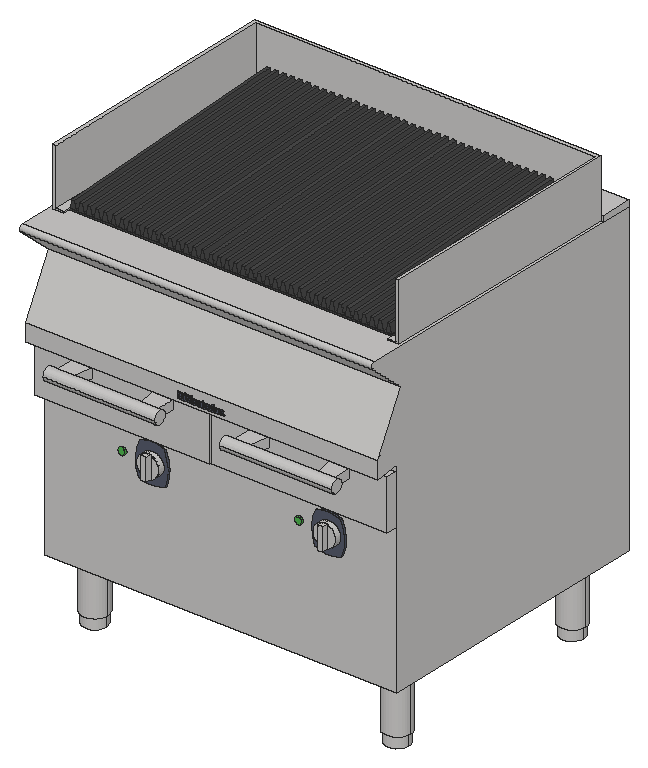
Revit family "QF_ELECTROLUXPROFESSIONAL_371238_E7GRGHGCFU", category Specialty Equipment, Revit 2018 (continued)
Nested families
  nested 32: "371065_QF_Electrolux_GRILL" at (587.12, -76.2, 850.769), type "371065_QF_Electrolux_GRILL"
    with Type Mark "", Specification by User "", Revision Code "", Item Number "", Installed By "", Identify Quantity as Lot yes, Furnished By "", Foodservice Equipment Identifier yes
  nested 33: "371065_QF_Electrolux_GRILL" at (605.51, -76.2, 850.769), type "371065_QF_Electrolux_GRILL"
    with Type Mark "", Specification by User "", Revision Code "", Item Number "", Installed By "", Identify Quantity as Lot yes, Furnished By "", Foodservice Equipment Identifier yes
  nested 34: "371065_QF_Electrolux_GRILL" at (623.901, -76.2, 850.769), type "371065_QF_Electrolux_GRILL"
    with Type Mark "", Specification by User "", Revision Code "", Item Number "", Installed By "", Identify Quantity as Lot yes, Furnished By "", Foodservice Equipment Identifier yes
  nested 35: "371065_QF_Electrolux_GRILL" at (642.291, -76.2, 850.769), type "371065_QF_Electrolux_GRILL"
    with Type Mark "", Specification by User "", Revision Code "", Item Number "", Installed By "", Identify Quantity as Lot yes, Furnished By "", Foodservice Equipment Identifier yes
  nested 36: "371065_QF_Electrolux_GRILL" at (660.681, -76.2, 850.769), type "371065_QF_Electrolux_GRILL"
    with Type Mark "", Specification by User "", Revision Code "", Item Number "", Installed By "", Identify Quantity as Lot yes, Furnished By "", Foodservice Equipment Identifier yes
  nested 37: "371065_QF_Electrolux_GRILL" at (679.072, -76.2, 850.769), type "371065_QF_Electrolux_GRILL"
    with Type Mark "", Specification by User "", Revision Code "", Item Number "", Installed By "", Identify Quantity as Lot yes, Furnished By "", Foodservice Equipment Identifier yes
  nested 38: "371065_QF_Electrolux_GRILL" at (697.462, -76.2, 850.769), type "371065_QF_Electrolux_GRILL"
    with Type Mark "", Specification by User "", Revision Code "", Item Number "", Installed By "", Identify Quantity as Lot yes, Furnished By "", Foodservice Equipment Identifier yes
  nested 39: "371065_QF_Electrolux_GRILL" at (715.853, -76.2, 850.769), type "371065_QF_Electrolux_GRILL"
    with Type Mark "", Specification by User "", Revision Code "", Item Number "", Installed By "", Identify Quantity as Lot yes, Furnished By "", Foodservice Equipment Identifier yes
  nested 40: "371065_QF_Electrolux_GRILL" at (734.243, -76.2, 850.769), type "371065_QF_Electrolux_GRILL"
    with Type Mark "", Specification by User "", Revision Code "", Item Number "", Installed By "", Identify Quantity as Lot yes, Furnished By "", Foodservice Equipment Identifier yes
Connectors
  piping at (757.238, -466.725, 150), diameter 12.8
    settings: on Extrusion 7, index 1, connector inside diameter 0.50394", connector length 0 mm, flow factor 0, pipe flow 0 GPM, pressure drop 0.00 psi, fitting loss kfactor 0, connector angle 0.00°, fixture units 0, engagement length 0 mm, angle of deflection 0.00°, flow configuration 1, flow direction 1, fitting loss method 0, system type 7, joint type 0, gender type 0, connector reference index -1, connector utility 0, adjustable connector no, is connector primary yes, connector description "Gas Connection"
Definition of nested family "371065_QF_Electrolux_GRILL"
  Parameters
    Weight in Pounds = 0
    URL Cutsheet = ""
    URL = ""
    Type Mark [instance] = ""
    Specification by User [instance] = ""
    Specification by Manufacturer = ""
    Serial Number = ""
    Seismic Rating = ""
    SMACNA No = ""
    Revision Code [instance] = ""
    Omniclass Number and Title = ""
    NAFEM Spec ID Number = ""
    Model = ""
    Masterspec = ""
    Manufacturer = ""
    Item Number [instance] = ""
    Installed By [instance] = ""
    Identify Quantity as Lot [instance] = yes
    Furnished By [instance] = ""
    Foodservice Equipment Identifier [instance] = yes
    Description = ""
    CSI MasterFormat = ""
    CSI Master Format = ""
    Assembly Code = ""
  Reference planes
    plane 1 "BACK": y = 0
    plane 2: z = 0
    plane 3 "LEFT": x = 0
    plane 4 "RIGHT": x = 12.7
    plane 5 "FRONT": y = -553.21
    plane 6 "TOP": z = 19.576
    plane 7 "Center Y": x = 6.35
    plane 8 "Center X": y = -276.605
  Forms (mm)
    Extrusion 1, solid
      sketch origin (-1.421, -500.379, -5.797) x (1, 0, 0) y (0, -0.050999, 0.998699)
        loop
          line (1.421, 12.7) -> (14.121, 12.7) -> (11.081, 32.276) -> (4.46, 32.276) -> (1.421, 12.7)
      from 52.345 to -501.68
  Lines and regions (mm)
    symbolic lines
      curve 1: line (0, 0, 0) -> (12.7, 0, 0)
      curve 2: line (0, -553.304, 0) -> (0, 0, 0)
      curve 3: line (12.7, -553.304, 0) -> (0, -553.304, 0)
      curve 4: line (12.7, 0, 0) -> (12.7, -553.304, 0)
  Dimensions and locks
    equal spacing: plane 3 "LEFT", plane 7 "Center Y", plane 4 "RIGHT"
    plane 3 "LEFT" to plane 4 "RIGHT" = 12.7 mm
    equal spacing: plane 5 "FRONT", plane 8 "Center X", plane 1 "BACK"
    plane 5 "FRONT" to plane 1 "BACK" = 553.21 mm
    plane 6 "TOP" to level = 19.576 mm
    plane 1 "BACK" to plane 5 "FRONT" = 553.21 mm
    aligned and locked: level to plane 2
  Automatic sketch dimensions
    Extrusion 1 sketch curve to plane 3 "LEFT" = 0 mm
    Extrusion 1 sketch curve to plane 4 "RIGHT" = 0 mm
    plane 3 "LEFT" to Extrusion 1 sketch curve = 3.039 mm
    Extrusion 1 sketch curve to plane 4 "RIGHT" = 3.039 mm
    Extrusion 1 sketch curve to Extrusion 1 sketch curve = 19.576 mm
    curve 3 to plane 3 "LEFT" = 0 mm
    curve 3 to plane 4 "RIGHT" = 0 mm
    plane 1 "BACK" to curve 2 = 0 mm
    plane 5 "FRONT" to curve 4 = 0.094 mm
